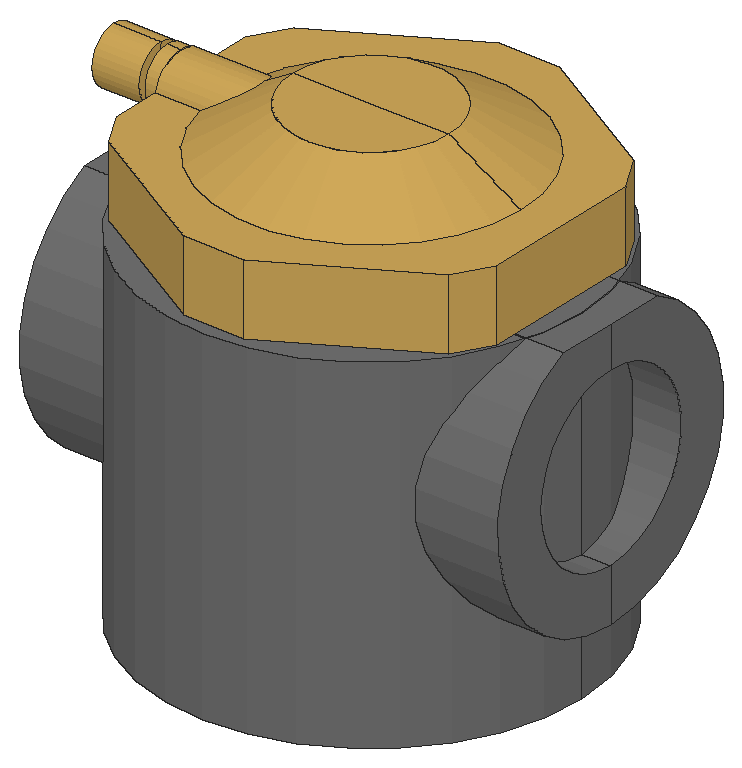
Revit family "Differential Pressure Control Valve 4002 FIX 23kPa", category Rohrzubehör, Revit 2018
Family settings
  Bemaßung runder Anschluss = Durchmesser verwenden
  Teiletyp = Unterbricht
  OmniClass-Nummer = 23.65.55.14
  OmniClass-Titel = Valves for Liquid Services
  Arbeitsebenenbasiert = Nein
  Immer vertikal = Ja
  Beim Laden mit Abzugskörper schneiden = Nein
  Gemeinsam genutzt = Nein
Parameters (values of type "with insulation")
  y2 [instance] = K14 + K9 + H01  # 46.649 mm
  y1 [instance] = (R03 * 2) + R05  # 76.000 mm
  Model = "The differential pressure controller is a straight-version linear controller and works without auxiliary\r\npower. The fixed nominal differential pressure is 23 kPa.\r\nA capillary (1000 mm) is included and should be connected to the circuit regulating valve in the supply line."
  Min. operating temperature (anti freeze) = -20 °C  # constant formula
  Max. operating temperature up to DN32 = 130 °C  # constant formula
  Max. operating temperature from DN40 = 110 °C  # constant formula
  Max. differential pressure on the body = 400000.0 Pa  # constant formula
  Max. operating temperature = 1600000.0 Pa  # constant formula
  Valve shaft = "stainless steel 14301"  # constant formula
  VRL01 [instance] = 30.000 mm  # constant formula
  V12 = 17.000 mm  # constant formula
  V10 = 16.000 mm  # constant formula
  V09 [instance] = 11.000 mm  # constant formula
  V08 [instance] = G01 + 3.000 mm  # 23.600 mm
  V03 [instance] = G01 + 5.000 mm  # 25.600 mm
  V02 [instance] = V01 + 4.500 mm  # 17.000 mm
  V01 [instance] = Nennweite / 2  # 12.500 mm
  URL = "www.herzvalves.com"
  SCRNSEQ = "ARM;ARM_TYP=\"DIFR\";2"
  SCRNCODE = "05;03;4"  # constant formula
  S07 = 10.000 mm  # constant formula
  S05 [instance] = S01 - 1.000 mm  # 13.850 mm
  S04 [instance] = S02 - 1.000 mm  # 18.000 mm
  S03 [instance] = size_lookup("4002_FIX_23kPa", "S03", 26.500 mm, Nennweite)  # 29.000 mm
  S02 [instance] = size_lookup("4002_FIX_23kPa", "S02", 19.000 mm, Nennweite)  # 19.000 mm
  S01 [instance] = size_lookup("4002_FIX_23kPa", "S01", 14.850 mm, Nennweite)  # 14.850 mm
  Regulator connection nut = "brass CW614N"  # constant formula
  Control range = "FIX 23kPa"  # constant formula
  R06 [instance] = size_lookup("4002_FIX_23kPa", "R06", 14.500 mm, Nennweite)  # 14.500 mm
  R05 [instance] = size_lookup("4002_FIX_23kPa", "R05", 41.000 mm, Nennweite)  # 58.200 mm
  R04 [instance] = size_lookup("4002_FIX_23kPa", "R04", 12.500 mm, Nennweite)  # 14.500 mm
  R03 [instance] = size_lookup("4002_FIX_23kPa", "R03", 8.000 mm, Nennweite)  # 8.900 mm
  R02 = 14.500 mm  # constant formula
  R01 [instance] = size_lookup("4002_FIX_23kPa", "R01", 11.500 mm, Nennweite)  # 14.800 mm
  Min. operating temperature (pure water) = 2 °C  # constant formula
  O-Rings = "EPDM"  # constant formula
  Nennweite [instance] = 25.000 mm
  Membrane body = "brass CW602N"  # constant formula
  Membrane = "EPDM"  # constant formula
  Medium = "Water purity in accordance with the ÖNORM H 5195 and VDI 2035 standards.\r\nEthylene and propylene glycol can be mixed to a ratio of 25 - 50 vol. [%]"
  L07 [instance] = size_lookup("4002_FIX_23kPa", "L07", 33.000 mm, Nennweite)  # 38.000 mm
  L06 = 7.000 mm  # constant formula
  L [instance] = size_lookup("4002_FIX_23kPa", "L", 66.000 mm, Nennweite)  # 76.000 mm
  K9 = 4.000 mm  # constant formula
  K8 = 55.000 mm  # constant formula
  K7 = 8.700 mm  # constant formula
  K6 = 11.700 mm  # constant formula
  K5 = 13.000 mm  # constant formula
  K4 = 12.000 mm  # constant formula
  K3 = 15.000 mm  # constant formula
  K2 = 2.350 mm  # constant formula
  K18 = 89.000 mm  # constant formula
  K17 = 66.700 mm  # constant formula
  K16 = 3.000 mm  # constant formula
  K15 = 26.649 mm  # constant formula
  K14 = 16.649 mm  # constant formula
  K13 = 16.649 mm  # constant formula
  K12 = 10.000 mm  # constant formula
  K11 = 35.000 mm  # constant formula
  K10 = 18.250 mm  # constant formula
  K1.1 = 2.350 mm  # constant formula
  K1 = 7.651 mm - 1.000 mm  # 6.651 mm
  J9 = 15.700 mm  # constant formula
  J8 = 7.850 mm  # constant formula
  J7 = 15.897 mm  # constant formula
  J6 = 3.900 mm  # constant formula
  J5 = 6.500 mm  # constant formula
  J4 = 1.500 mm  # constant formula
  J3 = 3.200 mm  # constant formula
  J2 = 11.000 mm  # constant formula
  J11 = 3.500 mm  # constant formula
  J10 = 18.897 mm  # constant formula
  J1 = 6.500 mm  # constant formula
  Hersteller = "HERZ-Armaturen Ges.m.b.H"  # constant formula
  H2 [instance] = size_lookup("4002_FIX_23kPa", "H2", 28.000 mm, Nennweite)  # 29.000 mm
  H1 [instance] = K1 + K2 + K3 + K4 + K5 + K7 + K8 + K16 + 16.650 mm  # 132.351 mm
  H04 = 4.000 mm  # constant formula
  H03 = 9.800 mm  # constant formula
  H02 [instance] = size_lookup("4002_FIX_23kPa", "H02", 53.000 mm, Nennweite)  # 54.500 mm
  H01 [instance] = size_lookup("4002_FIX_23kPa", "H01", 25.000 mm, Nennweite)  # 26.000 mm
  Body = "DZR brass CC770S"  # constant formula
  G01 [instance] = size_lookup("4002_FIX_23kPa", "G01", 13.220 mm, Nennweite)  # 20.600 mm
  Materials = "Ammonia contained in hemp can damage brass valve bodies, EPDM gaskets can be affected by\r\nmineral oil lubricants and thus lead to failure of the EPDM seals. Please refer to manufacturers\r\ndocumentation when using ethylene glycol products for frost and corrosion protection."
  Dämmung = yes
  Insulation shell = "EPP (expanded polypropylen)"  # constant formula
  Compression spring = "spring steel, rust and acid persistent"  # constant formula
  DN50 [instance] = Nennweite = 50.000 mm  # no
  DN40 [instance] = Nennweite = 40.000 mm  # no
  DN32-40 [instance] = or(Nennweite = 32.000 mm, Nennweite = 40.000 mm)  # no
  DN32 [instance] = Nennweite = 32.000 mm  # no
  DN25 [instance] = Nennweite = 25.000 mm  # yes
  DN20 [instance] = Nennweite = 20.000 mm  # no
  DN15-25 [instance] = or(Nennweite = 15.000 mm, Nennweite = 20.000 mm, Nennweite = 25.000 mm)  # yes
  DN15,20,25,32,50 [instance] = or(Nennweite = 15.000 mm, Nennweite = 20.000 mm, Nennweite = 25.000 mm, Nennweite = 32.000 mm, Nennweite = 50.000 mm)  # yes
  DN15 [instance] = Nennweite = 15.000 mm  # no
  D07 [instance] = if(Nennweite = 15.000 mm, 32.000 mm, if(Nennweite = 20.000 mm, 33.000 mm, if(Nennweite = 25.000 mm, 33.000 mm, if(Nennweite = 32.000 mm, 49.000 mm, if(Nennweite = 40.000 mm, 57.560 mm, if(Nennweite = 50.000 mm, 57.560 mm, 0.000 mm))))))  # 33.000 mm
  D06 [instance] = if(Nennweite = 15.000 mm, 32.000 mm, if(Nennweite = 20.000 mm, 33.000 mm, if(Nennweite = 25.000 mm, 33.000 mm, if(Nennweite = 32.000 mm, 49.000 mm, if(Nennweite = 40.000 mm, 57.560 mm, if(Nennweite = 50.000 mm, 57.560 mm, 0.000 mm))))))  # 33.000 mm
  D05 [instance] = if(Nennweite = 15.000 mm, 36.750 mm, if(Nennweite = 20.000 mm, 40.700 mm, if(Nennweite = 25.000 mm, 49.200 mm, if(Nennweite = 32.000 mm, 54.150 mm, if(Nennweite = 40.000 mm, 60.750 mm, if(Nennweite = 50.000 mm, 72.700 mm, 0.000 mm))))))  # 49.200 mm
  D04 [instance] = if(Nennweite = 15.000 mm, 78.500 mm, if(Nennweite = 20.000 mm, 82.000 mm, if(Nennweite = 25.000 mm, 84.000 mm, if(Nennweite = 32.000 mm, 120.000 mm, if(Nennweite = 40.000 mm, 130.000 mm, if(Nennweite = 50.000 mm, 130.500 mm, 0.000 mm))))))  # 84.000 mm
  D03 [instance] = if(Nennweite = 15.000 mm, 96.000 mm, if(Nennweite = 20.000 mm, 110.000 mm, if(Nennweite = 25.000 mm, 112.000 mm, if(Nennweite = 32.000 mm, 152.000 mm, if(Nennweite = 40.000 mm, 170.000 mm, if(Nennweite = 50.000 mm, 179.000 mm, 0.000 mm))))))  # 112.000 mm
  D02 [instance] = size_lookup("4002_FIX_23kPa", "R05", 41.000 mm, Nennweite)  # 58.200 mm
  D01 [instance] = size_lookup("4002_FIX_23kPa", "G01", 13.220 mm, Nennweite)  # 20.600 mm
  Bestellnummer Dämmung [instance] = if(and(Dämmung, Nennweite = 15.000 mm), 1409611, if(and(Dämmung, Nennweite = 20.000 mm), 1409612, if(and(Dämmung, Nennweite = 25.000 mm), 1409613, if(and(Dämmung, Nennweite = 32.000 mm), 1409614, if(and(Dämmung, Nennweite = 40.000 mm), 1409615, if(and(Dämmung, Nennweite = 50.000 mm), 1409616, 0))))))  # 1409613
  Bestellnummer [instance] = size_lookup("4002_FIX_23kPa", "Artnr", 0, Nennweite)  # 1400223
  B2 [instance] = size_lookup("4002_FIX_23kPa", "B2", 31.000 mm, Nennweite)  # 33.000 mm
  B1 [instance] = size_lookup("4002_FIX_23kPa", "B1", 26.000 mm, Nennweite)  # 28.000 mm
  B04 = 100.649 mm  # constant formula
  B03 = 44.500 mm  # constant formula
  B02 = 104.688 mm  # constant formula
  B01 = 10.000 mm  # constant formula
  Application = "Differential pressure controllers are used to stabilize the differential pressure in heating and cooling circuits and ensure the\r\nindependence of the loads from dynamic pressure fluctuations in the system."
  Connection nipple = "brass CW602N"  # constant formula
Types (3, lengths in mm): name | y2 | y1 | Model | V08 | V03 | V02 | V01 | S05 | S04 | S03 | S02 | S01 | R05 | R03 | R01 | Nennweite | Medium | L07 | L | H2 | H02 | H01 | G01 | Materials | Dämmung | DN50 | DN25 | DN15-25 | D07 | D06 | D05 | D04 | D03 | D02 | D01 | Bestellnummer Dämmung | Bestellnummer | B2 | B1
  (no name) | 46.649 | 76.000 | "The differential pressure controller is a straight-version linear controller and works without auxiliary\r\npower. The fixed nominal differential pressure is 23 kPa.\r\nA capillary (1000 mm) is included and should be connected to the circuit regulating valve in the supply line." | 23.600 | 25.600 | 17.000 | 12.500 | 13.850 | 18.000 | 29.000 | 19.000 | 14.850 | 58.200 | 8.900 | 14.800 | 25.000 | "Water purity in accordance with the ÖNORM H 5195 and VDI 2035 standards.\r\nEthylene and propylene glycol can be mixed to a ratio of 25 - 50 vol. [%]" | 38.000 | 76.000 | 29.000 | 54.500 | 26.000 | 20.600 | "Ammonia contained in hemp can damage brass valve bodies, EPDM gaskets can be affected by\r\nmineral oil lubricants and thus lead to failure of the EPDM seals. Please refer to manufacturers\r\ndocumentation when using ethylene glycol products for frost and corrosion protection." | yes | no | yes | yes | 33.000 | 33.000 | 49.200 | 84.000 | 112.000 | 58.200 | 20.600 | 1409613 | 1400223 | 33.000 | 28.000
  with insulation | 46.649 | 76.000 | "The differential pressure controller is a straight-version linear controller and works without auxiliary\r\npower. The fixed nominal differential pressure is 23 kPa.\r\nA capillary (1000 mm) is included and should be connected to the circuit regulating valve in the supply line." | 23.600 | 25.600 | 17.000 | 12.500 | 13.850 | 18.000 | 29.000 | 19.000 | 14.850 | 58.200 | 8.900 | 14.800 | 25.000 | "Water purity in accordance with the ÖNORM H 5195 and VDI 2035 standards.\r\nEthylene and propylene glycol can be mixed to a ratio of 25 - 50 vol. [%]" | 38.000 | 76.000 | 29.000 | 54.500 | 26.000 | 20.600 | "Ammonia contained in hemp can damage brass valve bodies, EPDM gaskets can be affected by\r\nmineral oil lubricants and thus lead to failure of the EPDM seals. Please refer to manufacturers\r\ndocumentation when using ethylene glycol products for frost and corrosion protection." | yes | no | yes | yes | 33.000 | 33.000 | 49.200 | 84.000 | 112.000 | 58.200 | 20.600 | 1409613 | 1400223 | 33.000 | 28.000
  without insulation | 72.649 | 140.000 | "The differential pressure controller is a straight-version linear controller and works without auxiliary\r\npower. The fixed nominal differential pressure is 23 kPa.\r\nA capillary (1000 mm) is included and should be connected to the circuit regulating valve in the\r\nflow." | 38.000 | 40.000 | 29.500 | 25.000 | 25.000 | 27.000 | 37.700 | 28.000 | 26.000 | 104.000 | 18.000 | 37.600 | 50.000 | "Water purity in accordance with the ÖNORM H 5195 and VDI 2035 standards\r\nEthylene and propylene glycol can be mixed to a ratio of 25 - 50 vol. [%]" | 70.000 | 140.000 | 58.000 | 107.000 | 52.000 | 35.000 | "Ammonia contained in hemp can damage brass valve bodies, EPDM gaskets can be affected by\r\nMineral oils lubricants and thus lead to failure of the EPDM seals. Please refer to manufacturers\r\ndocumentation when using ethylene glycol products for frost and corrosion protection." | no | yes | no | no | 57.560 | 57.560 | 72.700 | 130.500 | 179.000 | 104.000 | 35.000 | 0 | 1400226 | 41.000 | 41.000
Reference planes
  plane 1 "Mitte (Vorne/hinten)": y = 0
  plane 2: z = 0
  plane 3 "Mitte (Links/rechts)": x = 0
Forms (mm)
  Revolve 1, solid, material "Messing, weicher Gelbton, geschweißt", detail levels fine
    sketch origin (0, 0, 0) x (1, 0, 0) y (0, 0, 1)
      loop
        line (-38, 0) -> (38, 0) -> (38, 20.6) -> (29.1, 20.6) -> (29.1, 14.8) -> (-29.1, 14.8) -> (-29.1, 20.6) -> (-38, 20.6) -> (-38, 0)
      axis (-38, 0) -> (38, 0)
    angle from 0 to 360
  Revolve 2, solid, material "Messing, weicher Gelbton, geschweißt", detail levels fine
    sketch origin (0, 0, 0) x (1, 0, 0) y (0, 0, 1)
      loop
        line (0, -29) -> (0, 0) -> (-18, 0) -> (-18, -19.2) -> (-19, -19.2) -> (-19, -29) -> (0, -29)
      axis (0, 0) -> (0, -29)
    angle from 0 to 360
  Extrusion 3, solid, material "Messing, weicher Gelbton, geschweißt", detail levels fine
    sketch origin (0, 0, 0) x (0, -1, 0) y (1, 0, 0)
      loop
        line (-46, -7.038) -> (-27.114, -39.75) -> (-18.886, -44.5) -> (18.886, -44.5) -> (27.114, -39.75) -> (46, -7.038) -> (46, 7.038) -> (27.114, 39.75) -> (18.886, 44.5) -> (-18.886, 44.5) -> (-27.114, 39.75) -> (-46, 7.038) -> (-46, -7.038)
    from 30 to 46.649
  Revolve 4, solid, material "Messing, weicher Gelbton, geschweißt", detail levels fine
    sketch origin (0, 0, -7.051) x (1, 0, 0) y (0, 0, 1)
      loop
        line (0, 53.7) -> (0, 63.7) -> (-18.25, 63.7) -> (-35, 53.7) -> (0, 53.7)
      axis (0, 63.7) -> (0, 53.7)
    angle from 0 to 360
  Revolve 5, solid, material "Messing, weicher Gelbton, geschweißt", visible <- "DN15-25", detail levels fine
    sketch origin (-11, 0, 0) x (1, 0, 0) y (0, 1, 0)
      loop
        line (-3.5, 28) -> (-11.2, 28) -> (-11.2, 0) -> (-3.5, 0) -> (-3.5, 28)
      axis (-3.5, 0) -> (-3.5, 28)
    angle from 0 to 360
  Revolve 6, solid, material "Messing, weicher Gelbton, geschweißt", detail levels fine
    sketch origin (-0.988, 0, -6.853) x (-1, 0, 0) y (0, 0, 1)
      loop
        line (43.5, 52.75) -> (59.2, 52.75) -> (59.2, 59.25) -> (48.2, 59.25) -> (48.2, 56.65) -> (46.7, 56.65) -> (46.7, 59.25) -> (43.5, 59.25) -> (43.5, 52.75)
      axis (43.5, 52.75) -> (59.2, 52.75)
    angle from 0 to 360
  Extrusion 7, solid, material "Messing, weicher Gelbton, geschweißt", detail levels fine
    sketch origin (0, 0, 0) x (0, 1, 0) y (0, 0, -1)
      loop
        line (7.85, -44.547) -> (7.85, -33.5) -> (-7.85, -33.5) -> (-7.85, -44.547)
        arc (-7.85, -44.547) -> (0, -52.397) -> (7.85, -44.547) r 7.85
    from 0 to 44.5
  Revolve 8, solid, material "Messing, weicher Gelbton, geschweißt", visible <- "DN15-25", detail levels fine
    sketch origin (-2, 0, 0) x (1, 0, 0) y (0, 1, 0)
      loop
        line (-12.5, 0) -> (-21.5, 0) -> (-21.5, -33) -> (-12.5, -33) -> (-12.5, 0)
      axis (-12.5, 0) -> (-12.5, -33)
    angle from 0 to 360
  Revolve 9, solid, material "Messing, weicher Gelbton, geschweißt", visible <- "DN15-25", detail levels fine
    sketch origin (2, 0, 0) x (1, 0, 0) y (0, 1, 0)
      loop
        line (12.5, 0) -> (12.5, -33) -> (21.6, -33) -> (21.6, 0) -> (12.5, 0)
      axis (12.5, 0) -> (12.5, -33)
    angle from 0 to 360
  Extrusion 10, solid, material "Messing, weicher Gelbton, geschweißt", visible <- "DN32", detail levels fine
    sketch origin (-31.5, 0, 0) x (1, 0, 0) y (0, 1, 0)
      loop
        circle (63, 0) r 6.578
      loop
        circle (63, 0) r 3.28
    from -47 to 0
  Extrusion 11, solid, material "Messing, weicher Gelbton, geschweißt", visible <- "DN32", detail levels fine
    sketch origin (31.5, 0, 0) x (-1, 0, 0) y (0, -1, 0)
      loop
        circle (63, 0) r 6.578
      loop
        circle (63, 0) r 3.28
    from -47 to 0
  Revolve 12, solid, material "Messing, weicher Gelbton, geschweißt", detail levels fine
    sketch origin (0, 0, 0) x (1, 0, 0) y (0, 0, 1)
      loop
        line (-13.85, 0) -> (0, 0) -> (0, 30) -> (-9.85, 30) -> (-9.85, 26) -> (-14.85, 26) -> (-14.85, 16.2) -> (-13.85, 16.2) -> (-13.85, 0)
      axis (0, 30) -> (0, 0)
    angle from 0 to 360
  Extrusion 13, solid, material "Messing, weicher Gelbton, geschweißt", visible <- "DN40", detail levels fine
    sketch origin (29.382, 0, 0) x (-1, 0, 0) y (0, -1, 0)
      loop
        circle (63, 0) r 6.578
      loop
        circle (63, 0) r 3.28
    from -58 to 0
  Extrusion 14, solid, material "Messing, weicher Gelbton, geschweißt", visible <- "DN40", detail levels fine
    sketch origin (-29.455, 0, 0) x (1, 0, 0) y (0, 1, 0)
      loop
        circle (63, 0) r 6.578
      loop
        circle (63, 0) r 3.28
    from -58 to 0
  Extrusion 15, solid, material "Messing, weicher Gelbton, geschweißt", visible <- "DN50", detail levels fine
    sketch origin (28.422, 0, 0) x (-1, 0, 0) y (0, -1, 0)
      loop
        circle (63, 0) r 6.578
      loop
        circle (63, 0) r 3.28
    from -58 to 0
  Extrusion 16, solid, material "Messing, weicher Gelbton, geschweißt", visible <- "DN50", detail levels fine
    sketch origin (-28.422, 0, 0) x (1, 0, 0) y (0, 1, 0)
      loop
        circle (63, 0) r 6.578
      loop
        circle (63, 0) r 3.28
    from -58 to 0
  Revolve 17, solid, material "Messing, weicher Gelbton, geschweißt", visible <- "DN32-40", detail levels fine
    sketch origin (-11, 0, 0) x (1, 0, 0) y (0, 1, 0)
      loop
        line (-3.5, -28) -> (-3.5, 0) -> (-11.2, 0) -> (-11.2, -28) -> (-3.5, -28)
      axis (-3.5, 0) -> (-3.5, -28)
    angle from 0 to 360
  Revolve 18, solid, material "Messing, weicher Gelbton, geschweißt", not visible, detail levels fine
    sketch origin (10.652, 0, 0) x (-1, 0, 0) y (0, 0, 1)
      loop
        line (48.652, 0) -> (78.652, 0) -> (78.652, 12.5) -> (61.652, 12.5) -> (61.652, 17) -> (52.652, 17) -> (52.652, 25.6) -> (45.652, 25.6) -> (45.652, 23.6) -> (39.752, 23.6) -> (39.752, 20.6) -> (48.652, 20.6) -> (48.652, 0)
      axis (39.752, 0) -> (78.652, 0)
    angle from 0 to 360
  Revolve 19, solid, material "Messing, weicher Gelbton, geschweißt", not visible, detail levels fine
    sketch origin (-9.448, 0, 0) x (1, 0, 0) y (0, 0, 1)
      loop
        line (47.448, 0) -> (77.448, 0) -> (77.448, 12.5) -> (60.448, 12.5) -> (60.448, 17) -> (51.448, 17) -> (51.448, 25.6) -> (44.448, 25.6) -> (44.448, 23.6) -> (38.548, 23.6) -> (38.548, 20.6) -> (47.448, 20.6) -> (47.448, 0)
      axis (38.548, 0) -> (77.448, 0)
    angle from 0 to 360
  Revolve 20, solid, material "Kunststoff-Anthrazit/Schwarz", visible <- "Dämmung", detail levels fine
    sketch origin (0, 0, 0) x (1, 0, 0) y (0, 0, 1)
      loop
        line (56, 33) -> (-56, 33) -> (-56, 20.6) -> (-29.1, 20.6) -> (-29.1, 0) -> (0, 0) -> (29.1, 0) -> (29.1, 20.6) -> (56, 20.6) -> (56, 33)
      axis (-56, 0) -> (56, 0)
    angle from 0 to 360
  Revolve 21, solid, material "Kunststoff-Anthrazit/Schwarz", visible <- "Dämmung", detail levels fine
    sketch origin (0, 0, 0) x (1, 0, 0) y (0, 0, 1)
      loop
        line (0, 33) -> (0, -51) -> (49.2, -51) -> (49.2, 33) -> (0, 33)
      axis (0, 33) -> (0, -51)
    angle from 0 to 360
  Extrusion 22, void
    sketch origin (-405.452, -82.5, 0) x (1, 0, 0) y (0, 1, 0)
      loop
        line (266.511, 0) -> (550.452, 0) -> (550.452, 165) -> (266.511, 165) -> (266.511, 0)
    from 30 to 46.649
  Extrusion 23, void
    sketch origin (-405.452, -82.5, 0) x (1, 0, 0) y (0, 1, 0)
      loop
        line (287.952, 0) -> (522.952, 0) -> (522.952, 165) -> (287.952, 165) -> (287.952, 0)
    from 30 to 46.649
Cuts and joins
  Extrusion 22 cuts Revolve 20
  Extrusion 23 cuts Revolve 21
Lines and regions (mm)
  model lines, detail levels coarse+medium
    curve 1: line (38, -20.6, 0) -> (38, 20.6, 0)
    curve 2: line (38, 20.6, 0) -> (-38, -20.6, 0)
    curve 3: line (-38, -20.6, 0) -> (-38, 20.6, 0)
    curve 4: line (-38, 20.6, 0) -> (38, -20.6, 0)
    curve 5: line (0, -16, 0) -> (0, -30, 0)
    curve 6: spline (-44.5, -38.324, 0) -> (-42.984, -36.17, 0) -> (-38.538, -34.162, 0) -> (-31.466, -32.438, 0) -> (-22.25, -31.115, 0) -> (-11.517, -30.284, 0) -> (0, -30, 0) -> (11.517, -30.284, 0) -> (22.25, -31.115, 0) -> (31.466, -32.438, 0) -> (38.538, -34.162, 0) -> (42.984, -36.17, 0) -> (44.5, -38.325, 0) -> (42.984, -40.479, 0) -> (38.538, -42.487, 0) -> (31.466, -44.211, 0) -> (22.25, -45.534, 0) -> (11.517, -46.365, 0) -> (0, -46.649, 0) -> (-11.517, -46.365, 0) -> (-22.25, -45.534, 0) -> (-31.466, -44.211, 0) -> (-38.538, -42.487, 0) -> (-42.984, -40.479, 0) -> (-44.5, -38.324, 0)
    curve 7: line (-38, 0, 20.6) -> (-38, 0, -20.6)
    curve 8: line (-38, 0, -20.6) -> (38, 0, 20.6)
    curve 9: line (38, 0, 20.6) -> (38, 0, -20.6)
    curve 10: line (38, 0, -20.6) -> (-38, 0, 20.6)
    curve 11: line (0, 0, 20.6) -> (0, 0, 30)
    curve 12: spline (-44.5, 0, 38.325) -> (-42.984, 0, 40.479) -> (-38.538, 0, 42.487) -> (-31.466, 0, 44.211) -> (-22.25, 0, 45.534) -> (-11.517, 0, 46.365) -> (0, 0, 46.649) -> (11.517, 0, 46.365) -> (22.25, 0, 45.534) -> (31.466, 0, 44.211) -> (38.538, 0, 42.487) -> (42.984, 0, 40.479) -> (44.5, 0, 38.324) -> (42.984, 0, 36.17) -> (38.538, 0, 34.162) -> (31.466, 0, 32.438) -> (22.25, 0, 31.115) -> (11.517, 0, 30.284) -> (0, 0, 30) -> (-11.517, 0, 30.284) -> (-22.25, 0, 31.115) -> (-31.466, 0, 32.438) -> (-38.538, 0, 34.162) -> (-42.984, 0, 36.17) -> (-44.5, 0, 38.325)
    curve 13: line (0, 0, 20.6) -> (19, 0, 10.3)
    curve 14: line (0, 0, 20.6) -> (-19, 0, 10.3)
    curve 15: line (38, 0, 0) -> (68, 0, 0)
    curve 16: line (-38, 0, 0) -> (-68, 0, 0)
    curve 17: line (0, -16, 0) -> (-16.786, -9.1, 0)
    curve 18: line (0, -16, 0) -> (16.786, -9.1, 0)
    curve 19: line (38, 0, 20.6) -> (38, 0, -20.6)
    curve 20: line (38, 0, 20.6) -> (48, 0, 20.6)
    curve 21: line (48, 0, 20.6) -> (38, 0, 0)
    curve 22: line (48, 0, -20.6) -> (38, 0, 0)
    curve 23: line (38, 0, -20.6) -> (48, 0, -20.6)
    curve 24: line (-38, 0, 20.6) -> (-38, 0, -20.6)
    curve 25: line (-38, 0, 20.6) -> (-48, 0, 20.6)
    curve 26: line (-48, 0, 20.6) -> (-38, 0, 0)
    curve 27: line (-48, 0, -20.6) -> (-38, 0, 0)
    curve 28: line (-38, 0, -20.6) -> (-48, 0, -20.6)
    curve 29: line (-38, 20.6, 0) -> (-48, 20.6, 0)
    curve 30: line (-48, 20.6, 0) -> (-38, 0, 0)
    curve 31: line (-38, -20.6, 0) -> (-48, -20.6, 0)
    curve 32: line (-48, -20.6, 0) -> (-38, 0, 0)
    curve 33: line (38, -20.6, 0) -> (38, 20.6, 0)
    curve 34: line (38, 20.6, 0) -> (48, 20.6, 0)
    curve 35: line (48, 20.6, 0) -> (38, 0, 0)
    curve 36: line (38, -20.6, 0) -> (48, -20.6, 0)
    curve 37: line (48, -20.6, 0) -> (38, 0, 0)
Dimensions and locks
  "G01": Revolve 1 sketch curve to Revolve 1 sketch curve  (x2)
  "R01": Revolve 1 sketch curve to Revolve 1 sketch curve
  "R03": Revolve 1 sketch curve to Revolve 1 sketch curve  (x2)
  "K10": Revolve 4 sketch curve to Revolve 4 sketch curve
  "K11": Revolve 4 sketch curve to Revolve 4 sketch curve
  "B1": Revolve 5 sketch curve to Revolve 5 sketch curve
  "J1": Revolve 6 sketch curve to Revolve 6 sketch curve
  "J3": Revolve 6 sketch curve to Revolve 6 sketch curve
  "J4": Revolve 6 sketch curve to Revolve 6 sketch curve
  "J2": Revolve 6 sketch curve to Revolve 6 sketch curve
  "J5": Revolve 6 sketch curve to Revolve 6 sketch curve
  "J6": Revolve 6 sketch curve to Revolve 6 sketch curve
  "H2": plane 2 to Revolve 2 sketch curve
  "H03": Revolve 2 sketch curve to Revolve 2 sketch curve
  "S02": plane 3 "Mitte (Links/rechts)" to Revolve 2 sketch curve
  "B02": Revolve 6 to Extrusion 3
  "B03": Extrusion 3 to plane 3 "Mitte (Links/rechts)"
  "R04": Revolve 5 sketch curve to plane 3 "Mitte (Links/rechts)"
  "K12": Revolve 4 sketch curve to Revolve 4 sketch curve
  "K13": Revolve 4 sketch curve to Extrusion 3
  "K14": Extrusion 3 to Extrusion 3
  "R05": Revolve 1 sketch curve to Revolve 1 sketch curve
  plane 3 "Mitte (Links/rechts)" to Revolve 1 sketch curve = 38.000 mm
  Revolve 1 sketch curve to plane 3 "Mitte (Links/rechts)" = 38.000 mm
  equal spacing: Revolve 1 sketch curve, plane 3 "Mitte (Links/rechts)", Revolve 1 sketch curve
  "B2": plane 1 "Mitte (Vorne/hinten)" to Revolve 8 sketch curve
  "B2": Revolve 9 sketch curve to plane 1 "Mitte (Vorne/hinten)"
  "R06": Revolve 8 sketch curve to plane 3 "Mitte (Links/rechts)"
  "R06": plane 3 "Mitte (Links/rechts)" to Revolve 9 sketch curve
  "S01": Revolve 12 sketch curve to plane 3 "Mitte (Links/rechts)"
  "S05": plane 3 "Mitte (Links/rechts)" to Revolve 12 sketch curve
  "H04": Revolve 12 sketch curve to Revolve 12 sketch curve
  "H03": Revolve 12 sketch curve to Revolve 12 sketch curve
  "H01": Revolve 12 sketch curve to plane 2
  "K9": Extrusion 3 to Revolve 12
  Revolve 2 sketch curve to Revolve 2 sketch curve = 1.000 mm
  "J7": Revolve 6 sketch curve to Extrusion 3
  "J9": Extrusion 7 sketch curve to Extrusion 7 sketch curve
  "J10": Revolve 6 to Extrusion 7 sketch curve
  "J11": Extrusion 7 sketch curve to Extrusion 3
  equal spacing: curve 7, curve 6, curve 9
  "K18": Extrusion 3 to Extrusion 3
  equal spacing: curve 7, curve 14, curve 14
  equal spacing: curve 14, curve 13, curve 9
  "G01": curve 10 to plane 2
  "G01": plane 2 to curve 8
  "G01": curve 9 to plane 2
  "G01": plane 2 to curve 10
  "K18": curve 12 to curve 12
  "y1": curve 7 to curve 9
  "G01": curve 14 to plane 2
  "K14": curve 12 to curve 12
  "y2": curve 12 to plane 2
  "G01": plane 1 "Mitte (Vorne/hinten)" to curve 4
  "G01": curve 3 to plane 1 "Mitte (Vorne/hinten)"
  equal spacing: curve 3, curve 12, curve 1
  equal spacing: curve 3, curve 18, curve 1
  "y1": curve 3 to curve 1
  "G01": plane 1 "Mitte (Vorne/hinten)" to curve 2
  "G01": curve 4 to plane 1 "Mitte (Vorne/hinten)"
  "K18": curve 6 to curve 6
  "K14": curve 6 to curve 6
  "y2": curve 6 to plane 1 "Mitte (Vorne/hinten)"
  "B1": Revolve 17 sketch curve to Revolve 17 sketch curve
  "R04": Revolve 17 sketch curve to plane 3 "Mitte (Links/rechts)"
  "R03": Revolve 18 sketch curve to Revolve 18 sketch curve
  "V10": Revolve 18 sketch curve to Revolve 18 sketch curve
  "V12": Revolve 18 sketch curve to Revolve 18 sketch curve
  "VRL01": Revolve 18 sketch curve to Revolve 18 sketch curve
  "V02": Revolve 18 sketch curve to plane 2
  "V01": Revolve 18 sketch curve to plane 2
  "G01": Revolve 18 sketch curve to plane 2
  "V08": Revolve 18 sketch curve to plane 2
  "V03": Revolve 18 sketch curve to plane 2
  "R03": Revolve 19 sketch curve to Revolve 19 sketch curve
  "V10": Revolve 19 sketch curve to Revolve 19 sketch curve
  "V12": Revolve 19 sketch curve to Revolve 19 sketch curve
  "VRL01": Revolve 19 sketch curve to Revolve 19 sketch curve
  "V01": Revolve 19 sketch curve to plane 2
  "V02": Revolve 19 sketch curve to plane 2
  "G01": Revolve 19 sketch curve to plane 2
  "V08": Revolve 19 sketch curve to plane 2
  "V03": Revolve 19 sketch curve to plane 2
  "L07": Revolve 18 to plane 3 "Mitte (Links/rechts)"
  "L07": plane 3 "Mitte (Links/rechts)" to Revolve 19
  "S07": curve 28 to Revolve 18
  "S07": curve 26 to Revolve 18
  "S07": Revolve 19 to curve 21
  "S07": Revolve 19 to curve 23
  "G01": plane 2 to curve 28
  "G01": curve 25 to plane 2
  "G01": curve 20 to plane 2
  "G01": plane 2 to curve 23
  "S07": curve 30 to curve 3
  "S07": curve 32 to curve 3
  "S07": curve 33 to curve 35
  "S07": curve 33 to curve 37
  "D07": Revolve 20 sketch curve to plane 2
  "D01": Revolve 20 sketch curve to plane 2  (x2)
  "D02": Revolve 20 sketch curve to Revolve 20 sketch curve
  "D03": Revolve 20 sketch curve to Revolve 20 sketch curve
  equal spacing: Revolve 20 sketch curve, plane 3 "Mitte (Links/rechts)", Revolve 20 sketch curve  (x2)
  "D04": Revolve 21 sketch curve to Revolve 21 sketch curve
  "D05": Revolve 21 sketch curve to Revolve 21 sketch curve
  "D06": Revolve 21 sketch curve to plane 2
  "K14": Extrusion 22 to Extrusion 22
  "K14": Extrusion 22 to Extrusion 3
  "K14": Extrusion 23 to Extrusion 23
  "K14": Extrusion 23 to Extrusion 3
  "J8": radius of Extrusion 7 sketch curve
  aligned and locked: level to plane 2
Automatic sketch dimensions
  plane 3 "Mitte (Links/rechts)" to Extrusion 3 sketch curve = 7.038 mm  (x2)
  Extrusion 3 sketch curve to plane 1 "Mitte (Vorne/hinten)" = 46.000 mm
  Extrusion 3 sketch curve to plane 1 "Mitte (Vorne/hinten)" = 27.114 mm  (x2)
  Extrusion 3 sketch curve to Extrusion 3 sketch curve = 8.227 mm  (x4)
  plane 1 "Mitte (Vorne/hinten)" to Extrusion 3 sketch curve = 18.886 mm  (x2)
  Extrusion 3 sketch curve to Extrusion 3 sketch curve = 18.886 mm
  Extrusion 3 sketch curve to plane 3 "Mitte (Links/rechts)" = 7.038 mm  (x2)
  Extrusion 3 sketch curve to Extrusion 3 sketch curve = 32.712 mm  (x4)
  Extrusion 3 sketch curve to Extrusion 3 sketch curve = 4.750 mm  (x2)
  Extrusion 10 sketch curve to Extrusion 10 sketch curve = 0.000 mm  (x2)
  plane 1 "Mitte (Vorne/hinten)" to Extrusion 10 sketch curve = 0.000 mm
  plane 3 "Mitte (Links/rechts)" to Extrusion 10 sketch curve = 31.500 mm
  Extrusion 11 sketch curve to Extrusion 11 sketch curve = 0.000 mm  (x2)
  plane 1 "Mitte (Vorne/hinten)" to Extrusion 11 sketch curve = 0.000 mm
  plane 3 "Mitte (Links/rechts)" to Extrusion 11 sketch curve = 31.500 mm
  Extrusion 13 sketch curve to Extrusion 13 sketch curve = 0.000 mm  (x2)
  plane 1 "Mitte (Vorne/hinten)" to Extrusion 13 sketch curve = 0.000 mm
  plane 3 "Mitte (Links/rechts)" to Extrusion 13 sketch curve = 33.618 mm
  Extrusion 14 sketch curve to Extrusion 14 sketch curve = 0.000 mm  (x2)
  plane 1 "Mitte (Vorne/hinten)" to Extrusion 14 sketch curve = 0.000 mm
  plane 3 "Mitte (Links/rechts)" to Extrusion 14 sketch curve = 33.545 mm
  Extrusion 15 sketch curve to Extrusion 15 sketch curve = 0.000 mm  (x2)
  plane 1 "Mitte (Vorne/hinten)" to Extrusion 15 sketch curve = 0.000 mm
  plane 3 "Mitte (Links/rechts)" to Extrusion 15 sketch curve = 34.578 mm
  Extrusion 16 sketch curve to Extrusion 16 sketch curve = 0.000 mm  (x2)
  plane 1 "Mitte (Vorne/hinten)" to Extrusion 16 sketch curve = 0.000 mm
  plane 3 "Mitte (Links/rechts)" to Extrusion 16 sketch curve = 34.578 mm
  Extrusion 22 sketch curve to plane 1 "Mitte (Vorne/hinten)" = 82.500 mm
  Extrusion 22 sketch curve to plane 3 "Mitte (Links/rechts)" = 138.941 mm
  Extrusion 22 sketch curve to Extrusion 22 sketch curve = 283.941 mm
  plane 1 "Mitte (Vorne/hinten)" to Extrusion 22 sketch curve = 82.500 mm
  Extrusion 23 sketch curve to plane 1 "Mitte (Vorne/hinten)" = 82.500 mm
  Extrusion 23 sketch curve to plane 3 "Mitte (Links/rechts)" = 117.500 mm
  Extrusion 23 sketch curve to Extrusion 23 sketch curve = 235.000 mm
  plane 1 "Mitte (Vorne/hinten)" to Extrusion 23 sketch curve = 82.500 mm
  curve 16 to level = 0.000 mm
  curve 11 to plane 3 "Mitte (Links/rechts)" = 0.000 mm
  curve 12 to plane 3 "Mitte (Links/rechts)" = 0.000 mm
  curve 15 to level = 0.000 mm
  curve 16 to curve 16 = 30.000 mm
  curve 15 to curve 15 = 30.000 mm
  plane 1 "Mitte (Vorne/hinten)" to curve 30 = 0.000 mm
  plane 1 "Mitte (Vorne/hinten)" to curve 32 = 0.000 mm
  curve 18 to plane 3 "Mitte (Links/rechts)" = 0.000 mm
  curve 6 to plane 3 "Mitte (Links/rechts)" = 0.000 mm
  plane 1 "Mitte (Vorne/hinten)" to curve 37 = 0.000 mm
  plane 1 "Mitte (Vorne/hinten)" to curve 35 = 0.000 mm
  curve 5 to curve 5 = 14.000 mm
  plane 1 "Mitte (Vorne/hinten)" to curve 17 = 9.100 mm
  plane 1 "Mitte (Vorne/hinten)" to curve 18 = 9.100 mm
  Revolve 1 sketch curve to level = 0.000 mm  (x2)
  Revolve 1 sketch curve to Revolve 1 sketch curve = 1473.530 mm
  Revolve 1 sketch curve to Revolve 1 sketch curve = 1806.148 mm
  Revolve 2 sketch curve to level = 0.000 mm
  Revolve 2 sketch curve to plane 3 "Mitte (Links/rechts)" = 0.000 mm  (x2)
  Revolve 2 sketch curve to Revolve 2 sketch curve = 1.000 mm
  Revolve 2 sketch curve to Revolve 2 sketch curve = 334.045 mm
  level to Revolve 2 sketch curve = 2218.015 mm
  Revolve 4 sketch curve to plane 3 "Mitte (Links/rechts)" = 0.000 mm  (x2)
  Revolve 4 sketch curve to level = 373.096 mm
  Revolve 4 sketch curve to Revolve 4 sketch curve = 2155.315 mm
  plane 1 "Mitte (Vorne/hinten)" to Revolve 5 sketch curve = 0.000 mm  (x2)
  Revolve 5 sketch curve to Revolve 5 sketch curve = 0.000 mm  (x2)
  Revolve 5 sketch curve to Revolve 5 sketch curve = 7.700 mm
  plane 3 "Mitte (Links/rechts)" to Revolve 6 sketch curve = 44.488 mm
  Revolve 6 sketch curve to Revolve 6 sketch curve = 0.000 mm  (x3)
  Extrusion 7 sketch curve to plane 1 "Mitte (Vorne/hinten)" = 0.000 mm
  Extrusion 7 sketch curve to Extrusion 7 sketch curve = 11.047 mm
  Extrusion 7 sketch curve to Extrusion 7 sketch curve = 0.000 mm
  plane 1 "Mitte (Vorne/hinten)" to Revolve 8 sketch curve = 0.000 mm  (x2)
  Revolve 8 sketch curve to Revolve 8 sketch curve = 9.000 mm
  Revolve 8 sketch curve to Revolve 8 sketch curve = 0.000 mm  (x2)
  plane 1 "Mitte (Vorne/hinten)" to Revolve 9 sketch curve = 0.000 mm  (x2)
  Revolve 9 sketch curve to Revolve 9 sketch curve = 9.100 mm
  Revolve 9 sketch curve to Revolve 9 sketch curve = 0.000 mm  (x2)
  Revolve 12 sketch curve to level = 0.000 mm  (x2)
  Revolve 12 sketch curve to plane 3 "Mitte (Links/rechts)" = 0.000 mm  (x2)
  Revolve 12 sketch curve to Revolve 12 sketch curve = 5.000 mm
  Revolve 12 sketch curve to Revolve 12 sketch curve = 0.000 mm
  plane 1 "Mitte (Vorne/hinten)" to Revolve 17 sketch curve = 0.000 mm  (x2)
  Revolve 17 sketch curve to Revolve 17 sketch curve = 7.700 mm
  Revolve 17 sketch curve to Revolve 17 sketch curve = 0.000 mm  (x2)
  Revolve 18 sketch curve to level = 0.000 mm  (x2)
  plane 3 "Mitte (Links/rechts)" to Revolve 18 sketch curve = 29.100 mm
  Revolve 18 sketch curve to Revolve 18 sketch curve = 4.000 mm
  Revolve 18 sketch curve to Revolve 18 sketch curve = 0.000 mm  (x2)
  Revolve 19 sketch curve to level = 0.000 mm  (x2)
  plane 3 "Mitte (Links/rechts)" to Revolve 19 sketch curve = 29.100 mm
  Revolve 19 sketch curve to Revolve 19 sketch curve = 4.000 mm
  Revolve 19 sketch curve to Revolve 19 sketch curve = 0.000 mm  (x2)
  curve 26 to level = 0.000 mm
  curve 27 to level = 0.000 mm
  curve 22 to level = 0.000 mm
  curve 21 to level = 0.000 mm
  curve 27 to curve 28 = 10.000 mm
  curve 19 to curve 20 = 10.000 mm
  Revolve 20 sketch curve to level = 0.000 mm  (x2)
  Revolve 20 sketch curve to plane 3 "Mitte (Links/rechts)" = 0.000 mm
  Revolve 20 sketch curve to Revolve 20 sketch curve = 0.000 mm  (x2)
  Revolve 21 sketch curve to plane 3 "Mitte (Links/rechts)" = 0.000 mm  (x2)
  Revolve 21 sketch curve to Revolve 21 sketch curve = 0.000 mm  (x2)
  radius of Extrusion 10 sketch curve = 6.578 mm
  radius of Extrusion 10 sketch curve = 3.280 mm
  radius of Extrusion 11 sketch curve = 6.578 mm
  radius of Extrusion 11 sketch curve = 3.280 mm
  radius of Extrusion 13 sketch curve = 6.578 mm
  radius of Extrusion 13 sketch curve = 3.280 mm
  radius of Extrusion 14 sketch curve = 6.578 mm
  radius of Extrusion 14 sketch curve = 3.280 mm
  radius of Extrusion 15 sketch curve = 6.578 mm
  radius of Extrusion 15 sketch curve = 3.280 mm
  radius of Extrusion 16 sketch curve = 6.578 mm
  radius of Extrusion 16 sketch curve = 3.280 mm
Nested families
  nested 1: "Herz-Logo-vorne" at (-0.018, 17.815, -12.904) x (0, -1, 0) z (0, 0, 1), type "Herz-Logo-vorne", detail levels fine
  nested 2: "Herz-Logo-vorne" at (-0.018, 29.612, 0) x (0, -1, 0) z (0, 0, 1), visible <- "DN32", type "Herz-Logo-vorne", detail levels fine
  nested 3: "Herz-Logo-vorne" at (-0.018, 38.665, 0) x (0, -1, 0) z (0, 0, 1), visible <- "DN40", type "Herz-Logo-vorne", detail levels fine
  nested 4: "Herz-Logo-vorne" at (-0.018, 37.548, 0) x (0, -1, 0) z (0, 0, 1), visible <- "DN50", type "Herz-Logo-vorne", detail levels fine
Connectors
  piping at (-38, 0, 0), diameter 25, driven by "Nennweite"
    settings: on Revolve 1, index 1, connector inside diameter 609.6 mm, connector length 0.000 mm, flow factor 0, pipe flow 0.0 L/s, pressure drop 0.0 Pa, fitting loss kfactor 0, connector angle 0.00°, fixture units 0, engagement length 0.000 mm, angle of deflection 0.00°, flow configuration 0, flow direction 1, fitting loss method 0, system type 7, joint type 0, gender type 0, connector reference index -1, connector utility 0, adjustable connector no, is connector primary yes, connector description ""
  piping at (38, 0, 0), diameter 25, driven by "Nennweite"
    settings: on Revolve 1, index 2, connector inside diameter 609.6 mm, connector length 0.000 mm, flow factor 0, pipe flow 0.0 L/s, pressure drop 0.0 Pa, fitting loss kfactor 0, connector angle 0.00°, fixture units 0, engagement length 0.000 mm, angle of deflection 0.00°, flow configuration 0, flow direction 2, fitting loss method 0, system type 29, joint type 0, gender type 0, connector reference index -1, connector utility 0, adjustable connector no, is connector primary no, connector description ""
Definition of nested family "Herz-Logo-vorne"
  Reference planes
    plane 1 "Mitte (Vorne/hinten)": y = 0
    plane 2: z = 0
    plane 3 "Mitte (Links/rechts)": x = 0
  Forms (mm)
    Extrusion 1, solid
      sketch origin (0.732, -0.018, 0.017) x (0, -1, 0) y (0, 0, 1)
        loop
          line (-0.018, -4.517) -> (4.482, -4.517) -> (4.482, 4.483) -> (-4.518, 4.483) -> (-4.518, -4.517) -> (-0.018, -4.517)
        loop
          line (-0.05, -3.48) -> (3.482, -3.48) -> (3.482, 3.483) -> (-3.518, 3.483) -> (-3.518, -3.48) -> (-0.05, -3.48)
        loop
          arc (-0.018, 2.383) -> (-1.543, 3.287) -> (-3.067, 2.383) r 1.738
          arc (-3.067, 2.383) -> (-3.191, 1.899) -> (-3.067, 1.415) r 1.009
          line (-3.067, 1.415) -> (-0.018, -3.281) -> (3.032, 1.415)
          arc (3.032, 1.415) -> (3.156, 1.899) -> (3.032, 2.383) r 1.009
          arc (3.032, 2.383) -> (1.507, 3.287) -> (-0.018, 2.383) r 1.738
        loop
          arc (1.885, 1.272) -> (2.005, 1.675) -> (1.885, 2.079) r 0.74
          arc (1.885, 2.079) -> (1.265, 2.416) -> (0.644, 2.079) r 0.74
          line (0.644, 2.079) -> (-0.018, 0.97) -> (-0.679, 2.079)
          arc (-0.679, 2.079) -> (-1.3, 2.416) -> (-1.921, 2.079) r 0.74
          arc (-1.921, 2.079) -> (-2.04, 1.675) -> (-1.921, 1.272) r 0.74
          line (-1.921, 1.272) -> (-0.018, -1.658) -> (1.885, 1.272)
      from 0 to 1.5
  Dimensions and locks
    aligned and locked: level to plane 2
